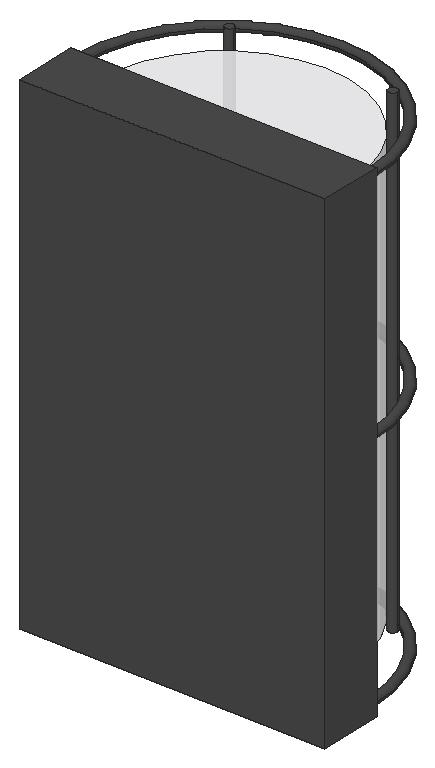
Revit family "TLI - Royal  SQR - Wall", category Lighting Fixtures, host Wall, Revit 2014
Parameters (values of type "TBX 1 -  42W - 277V")
  Width = 0' - 8 1/4"
  Wet Location [instance] = yes
  Watts = 42 W
  Wattage = 21.5427 W
  built-in parameter 1150110 = 1 (stored number, unit not read)
  Voltage = 277 V
  URL = "http://teronlighting.com/"
  built-in parameter 1114217 = 0.81 (stored number, unit not read)
  Tilt Angle = 0.00°
  built-in parameter 1150109 = 1 (stored number, unit not read)
  built-in parameter 1150134 = (empty or 0)
  built-in parameter 1150113 = 1 (stored number, unit not read)
  Requires Special Disposal = no
  Remote Battery = no
  Product Page URL = "http://teronlighting.com/products/royal/"
  Product Documentation URL = "http://teronlighting.com/wp-content/uploads/Royal.pdf"
  Product = "Royal SQR"
  Point of Final Manufacture = "Fairfield, OH, USA"
  Photometric Web File = "generic.ies"
  Percentage Pre-Consumer = 0
  Percentage Post-Consumer = 0
  Number of Lamps = 1
  built-in parameter 1150142 = (empty or 0)
  Multi-Tap Ballast [instance] = no
  Mounting Type = "4\" Junction Box"
  Model = "RL - F142X-SQR"
  MasterFormat 2004 Title = "Exterior Lighting"
  MasterFormat 2004 Number = "26.56.00"
  Manufacturer Telephone = "01-513-858-6004"
  Manufacturer Email = "sales@teronlight.com"
  Manufacturer Address = "33 Donald Drive Fairfield, OH 45014"
  Manufacturer = "Teron Lighting"
  Lumens = 3200 lm
  built-in parameter 1150115 = 1 (stored number, unit not read)
  built-in parameter 1150105 = 254.65 (stored number, unit not read)
  built-in parameter 1150137 = (empty or 0)
  built-in parameter 1150139 = 0.81 (stored number, unit not read)
  Length = 1' - 1 1/2"
  built-in parameter 1150112 = 1 (stored number, unit not read)
  built-in parameter 1150114 = 1 (stored number, unit not read)
  Lamp Base = "4-Pin"
  Lamp = "1 - 42W TBX"
  Integral Battery = no
  built-in parameter 1150132 = 2
  built-in parameter 1150102 = 3600
  built-in parameter 1150138 = 4100 (stored number, unit not read)
  built-in parameter 1150107 = 4100 (stored number, unit not read)
  Industry Standards = "ETL"
  built-in parameter 1150106 = 2.5465 (stored number, unit not read)
  Fixture Material = Paint - TLI - Textured Black
  Fixture = "Steel"
  Finish = "Textured Black"
  Emergency Light Fixture [instance] = no
  Electronic Ballast [instance] = yes
  built-in parameter 1150104 = 13.8 (stored number, unit not read)
  Distributor Locations = "USA, Canada, Puerto Rico"
  Dimming Lamp Color Temperature Shift = <None>
  Dimming Ballast [instance] = no
  Diffuser Material = Acrylic - TLI - Luminous White
  Diffuser = "Luminous White Acrylic"
  Description = "Architectectural Outdoor"
  Depth = 0' - 6"
  Date Created = "11.25.2013"
  Created By = "RenderSpec  http://rederspec.com"
  Cost = 0
  Conditions of Use = "Elements are representations. Color and detail may differ from actual product. Information is for general use and should be reviewed by a Professional."
  Color Filter = 16777215
  built-in parameter 1114218 = 1 (stored number, unit not read)
  built-in parameter 1150133 = 10 (stored number, unit not read)
  Apparent Load = 42 VA
  Amps = 1
  ADA Compliant = no
Types (16): name | Watts | Wattage | Voltage | Number of Lamps | Multi-Tap Ballast | Model | Lumens | built-in parameter 1150105 | Lamp | built-in parameter 1150138 | built-in parameter 1150106 | Apparent Load
  QE 1 -  13W - 120V | 13 W | 6.05889 W | 120 V | 1 | yes | "RL - F113Q-SQR" | 900 lm | 71.62 (stored number, unit not read) | "1 - 13W QE" | 4100 (stored number, unit not read) | 0.7162 (stored number, unit not read) | 13 VA
  QE 1 -  13W - 277V | 13 W | 6.05889 W | 277 V | 1 | yes | "RL - F113Q-SQR" | 900 lm | 71.62 (stored number, unit not read) | "1 - 13W QE" | 4100 (stored number, unit not read) | 0.7162 (stored number, unit not read) | 13 VA
  QE 2 -  13W - 120V | 26 W | 1.86479 W | 120 V | 2 | yes | "RL - F213Q-SQR" | 277 lm | 22.043 (stored number, unit not read) | "2 - 18W QE" | 4100 (stored number, unit not read) | 0.22043 (stored number, unit not read) | 26 VA
  QE 2 -  13W - 277V | 26 W | 1.86479 W | 277 V | 2 | yes | "RL - F213Q-SQR" | 277 lm | 22.043 (stored number, unit not read) | "2 - 18W QE" | 4100 (stored number, unit not read) | 0.22043 (stored number, unit not read) | 26 VA
  QE 1 -  18W - 120V | 18 W | 8.41513 W | 120 V | 1 | yes | "RL - F118Q-SQR" | 1250 lm | 99.472 (stored number, unit not read) | "1 - 18W QE" | 2700 (stored number, unit not read) | 0.99472 (stored number, unit not read) | 18 VA
  QE 1 -  18W - 277V | 18 W | 84.1513 W | 277 V | 1 | yes | "RL - F118Q-SQR" | 12500 lm | 994.72 (stored number, unit not read) | "1 - 18W QE" | 2700 (stored number, unit not read) | 9.9472 (stored number, unit not read) | 18 VA
  QE 2 -  18W - 120V | 36 W | 16.8303 W | 120 V | 2 | yes | "RL - F218Q-SQR" | 2500 lm | 198.94 (stored number, unit not read) | "2 - 18W QE" | 2700 (stored number, unit not read) | 1.9894 (stored number, unit not read) | 36 VA
  QE 2 -  18W - 277V | 36 W | 16.8303 W | 277 V | 2 | yes | "RL - F218Q-SQR" | 2500 lm | 198.94 (stored number, unit not read) | "2 - 18W QE" | 2700 (stored number, unit not read) | 1.9894 (stored number, unit not read) | 36 VA
  QE 1 -  26W - 120V | 26 W | 12.1178 W | 120 V | 1 | no | "RL - F126Q -SQR" | 1800 lm | 143.24 (stored number, unit not read) | "1 - 26W QE" | 4100 (stored number, unit not read) | 1.4324 (stored number, unit not read) | 26 VA
  QE 1 -  26W - 277V | 26 W | 12.1178 W | 277 V | 1 | no | "RL - F126Q -SQR" | 1800 lm | 143.24 (stored number, unit not read) | "1 - 26W QE" | 4100 (stored number, unit not read) | 1.4324 (stored number, unit not read) | 26 VA
  QE 2 -  26W - 120V | 52 W | 24.2356 W | 120 V | 2 | no | "RL - F226Q -SQR" | 3600 lm | 286.48 (stored number, unit not read) | "2 - 26W TBX" | 4100 (stored number, unit not read) | 2.8648 (stored number, unit not read) | 52 VA
  QE 2 -  26W - 277V | 52 W | 24.2356 W | 277 V | 2 | no | "RL - F226Q-SQR" | 3600 lm | 286.48 (stored number, unit not read) | "2 - 26W TBX" | 4100 (stored number, unit not read) | 2.8648 (stored number, unit not read) | 52 VA
  TBX 1 -  32W - 120V | 32 W | 16.1571 W | 120 V | 1 | no | "RL - F132X-SQR" | 2400 lm | 190.99 (stored number, unit not read) | "1 - 32W  TBX" | 4100 (stored number, unit not read) | 1.9099 (stored number, unit not read) | 32 VA
  TBX 1 -  32W - 277V | 32 W | 16.1571 W | 277 V | 1 | no | "RL - F132X-SQR" | 2400 lm | 190.99 (stored number, unit not read) | "1 - 32W  TBX" | 4100 (stored number, unit not read) | 1.9099 (stored number, unit not read) | 32 VA
  TBX 1 -  42W - 120V | 42 W | 21.5427 W | 120 V | 1 | no | "RL - F142X-SQR" | 3200 lm | 254.65 (stored number, unit not read) | "1 - 42W TBX" | 4100 (stored number, unit not read) | 2.5465 (stored number, unit not read) | 42 VA
  TBX 1 -  42W - 277V | 42 W | 21.5427 W | 277 V | 1 | no | "RL - F142X-SQR" | 3200 lm | 254.65 (stored number, unit not read) | "1 - 42W TBX" | 4100 (stored number, unit not read) | 2.5465 (stored number, unit not read) | 42 VA
Reference planes (in)
  plane 1: y = 0
  plane 2 "Light Source Axis (L/R)": x = -1.43133
  plane 3 "Light Source Elevation": z = 59.99046
  plane 4: y = 5
Text (in)
  text "Placement Side" at (0, 40.15149, 117.0711), in view "Right"
  text "Placement Side" at (-70.3804, 28.46503, 0), in view "Ref. Level"
  text "Placement Side" at (0, 47.49176, 118.91627), in view "Left"
Dimensions and locks (in)
  host wall to plane 4 = 0' - 2"
  locked: nested 2 to plane 4 at 2
  aligned and locked: plane 2 "Light Source Axis (L/R)" to imposter light
  aligned and locked: plane 3 "Light Source Elevation" to imposter light
  aligned and locked: nested 1 to plane 2 "Light Source Axis (L/R)"
  aligned and locked: nested 1 to host wall
Nested families (in)
  nested 1: "Wall Mounted Light Fixture" at (-1.43133, 3, 0), Emergency Light Fixture <- "Emergency Light Fixture", type "Wall Mounted Light Fixture"
    with Emergency Light Fixture no
  nested 2: "Royal SQR" at (-1.43133, 3, 60.03469), type "Royal SQR"
Connectors (in)
  electrical at (-1.43133, 3, 60.03469), driven by "Apparent Load", driven by "Voltage"
    settings: on nested 2, index 1, voltage 277 V, apparent load 42 VA, apparent load phase1 0 VA, apparent load phase2 0 VA, apparent load phase3 0 VA, power factor 1, load classification "Other", number of poles 1, system type 30, power factor state 1, is connector primary yes, connector utility no, sub classification motor no, connector description ""
Definition of nested family "Royal SQR"
  Parameters (values of type "Royal SQR")
    Fixture Material = none
    Diffuser Material = none
  Reference planes (in)
    plane 1 "Center (Front/Back)": y = 0
    plane 2: z = 0
    plane 3 "Center (Left/Right)": x = 0
  Forms (in)
    Extrusion 1, solid, material <- "Fixture Material"
      sketch origin (-4.92126, -3.11303, 3.3125) x (1, 0, 0) y (0, 1, 0)
        loop
          line (0.73376, 3.11303) -> (9.10876, 3.11303) -> (9.10876, 4.86865) -> (0.73376, 4.86865) -> (0.73376, 3.11303)
      from -10.0625 to 3.4375
    Sweep 2, solid, material <- "Fixture Material"
      path origin (-4.92126, -3.19714, 6.64199) x (1, 0, 0) y (0, 1, 0)
        loop
          arc (8.92126, 4.95276) -> (4.92126, 8.95276) -> (0.92126, 4.95276) r 4
      profile origin (0, 5.75562, 6.64199) x (0, -1, 0) y (0, 0, 1)
        loop
          circle (0, -0.125) r 0.125
    Extrusion 3, solid, material <- "Fixture Material"
      sketch origin (-4.92126, -2.94714, 3.3125) x (1, 0, 0) y (0, 1, 0)
        loop
          circle (2.6763, 7.70011) r 0.125
        loop
          circle (7.16231, 7.70011) r 0.125
      from -9.917 to 3.32949
    Extrusion 4, solid, material <- "Diffuser Material"
      sketch origin (-4.92126, -3.19714, 3.3125) x (1, 0, 0) y (0, 1, 0)
        loop
          line (1.42126, 4.95276) -> (8.42126, 4.95276)
          arc (8.42126, 4.95276) -> (4.92126, 8.45276) -> (1.42126, 4.95276) r 3.5
      from 2.875 to -9.0625
    Sweep 5, solid, material <- "Fixture Material"
      path origin (-4.92126, -3.19714, -6.35428) x (1, 0, 0) y (0, 1, 0)
        loop
          arc (8.92126, 4.95276) -> (4.92126, 8.95276) -> (0.92126, 4.95276) r 4
      profile origin (0, 5.75562, -6.35428) x (0, -1, 0) y (0, 0, 1)
        loop
          circle (0, -0.125) r 0.125
    Sweep 6, solid, material <- "Fixture Material"
      path origin (-4.92126, -3.19714, 0.1875) x (1, 0, 0) y (0, 1, 0)
        loop
          arc (8.92126, 4.95276) -> (4.92126, 8.95276) -> (0.92126, 4.95276) r 4
      profile origin (0, 5.75562, 0.1875) x (0, -1, 0) y (0, 0, 1)
        loop
          circle (0, -0.125) r 0.125
  Dimensions and locks (in)
    aligned and locked: plane 2 to level
Definition of nested family "Wall Mounted Light Fixture"
  Parameters (values of type "Wall Mounted Light Fixture")
    Emergency Light Fixture [instance] = no
  Reference planes (in)
    plane 1: y = 0
    plane 2: x = 0
  Lines and regions (in)
    detail lines, built-in parameter 1006310 <- "Emergency Light Fixture"
      curve 1: circle (0, 0.125, 0) r 0.0625 normal (0, 0, 1)
    detail lines
      curve 2: line (-0.0625, 0, 0) -> (0.0625, 0, 0)
      curve 3: line (0, 0, 0) -> (0, 0.0625, 0)
